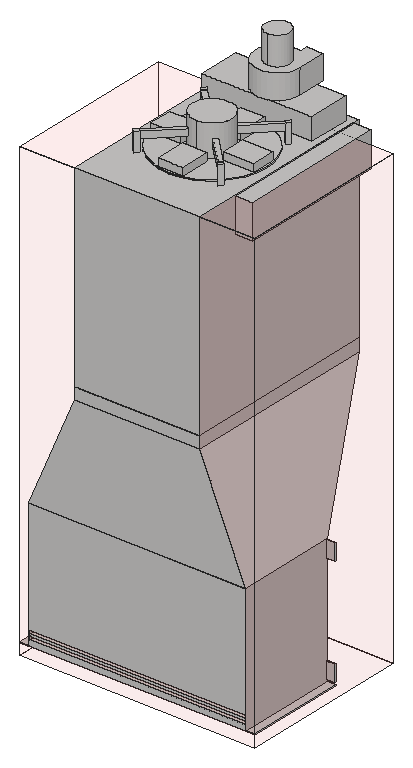
Revit family "Air-Curtain_Industrial_PoweredAire_Gas-Indirect-1Heater", category Mechanical Equipment, host Face, Revit 2020
Family settings
  Host = Face
  Round Connector Dimension = Use Diameter
  Part Type = Normal
  OmniClass Number = 23.75.35.17.21
  OmniClass Title = Air Curtains
  Cut with Voids When Loaded = No
  Shared = No
  Room Calculation Point = No
Parameters
  topbracket [instance] = Unit Height = 1' 4 3/4"  # yes
  Warranty Duration (Years) = 0
  Unit Width Notes = "Other Widths available."  # constant formula
  Unit Width = 3' - 3"
  Unit Weight = 0
  Unit Height = 1' - 4 3/4"
  Unit Depth = 1' - 9 1/4"
  URL = "http://www.poweredaire.com/"
  Test Data = ""
  Standards Conformance = "as Specified"
  Specification = "http://www.arcat.com/sdspecs/htm04/23_34_33pai.htm"
  SpecWizard = ""
  Sound Pressure = "as Specified"
  Sales Information = "http://www.poweredaire.com/contact_us"
  Revision = "R1_2016-08"
  Projection from Host [instance] = 0' - 2"
  Product Properties = ""
  Product Data = "http://www.arcat.com/arcatcos/cos47/arc47623.html"
  Power Rating = 0 W
  Piping_Operating Pressure [instance] = 0.00 psi
  Pipe OD [instance] = 5/8"
  Overall Depth = 6' - 1 3/4"
  Nozzle Width = if(1 = 1, Unit Width - 0' 3", 0' 0")  # 3' - 0"
  Mounting Width = if(1 = 1, Unit Width - 0' 1 1/2", 0' 0")  # 3' - 1 1/2"
  Mounting Height [instance] = 3' - 6"
  Motor RPM = 0
  Motor HP = 0
  Motor Count = 0
  Model = "As Specified"
  Max Height = 0' - 0"
  Manufacturer Website = "http://www.poweredaire.com/"
  Manufacturer Phone - Toll Free = "888-321-2473"
  Manufacturer Phone = "724-588-3305"
  Manufacturer Fax = "724-588-3371"
  Manufacturer Address = "109 Mortensen Rd.  Greenville, PA 16125"
  Manufacturer = "Powered Aire, Inc"
  Maintenance Schedule (Months) = 0
  Keynote = "23 34 33"
  Installation-Fabrication = ""
  Installation Phase = ""
  Include Clearance [instance] = yes
  Heating Element Load = 0 W
  Heater Weight = 0
  Heater Hanging Width = 1' - 6 5/8"
  Heater Finish [instance] = Metal - Steel - PoweredAire - Stainless 304
  HVAC_Temperature Rise = 0 °F
  HVAC_Primary CFM = 0 CFM
  HVAC_Outlet Volume = 0 CFM
  HVAC_Outlet Velocity Uniformity = 0
  HVAC_Outlet Velocity = 0 FPM
  HVAC_Exit Temperature [instance] = 0 °F
  HVAC_BTU Output = 0.0 Btu/h
  HVAC_BTU Input = 0.0 Btu/h
  Green Building-LEED = "http://www.arcat.com/green/clients/leed_data_47623.html"
  Gas Connection Diameter [instance] = 0"
  Frame Finish [instance] = Metal - Steel - PoweredAire - Stainless 304
  Expected Lifespan (Years) = 0
  Exhaust Connection Diameter = 0' - 5"
  Electrical_Wattage [instance] = Power Rating + Heating Element Load  # 0 W
  Electrical_Voltage [instance] = 0 V
  Electrical_Phase [instance] = 1
  Electrical_Frequency [instance] = 0 Hz
  Electrical_Amperage [instance] = 0 A
  Drawn By = "Sumex Design, Inc. / Robert S. Weygant, CSI, CDT, SCIP"
  Description = "Powered Aire Air Curtain as Specified"
  Default Elevation = 0' - 0"  # constant formula
  Copyright = "©Arcat Inc."
  Construction Details = "http://www.arcat.com/details/powair/prod3336.html"
  Clearance_Top [instance] = 1' - 0"
  Clearance_Side B [instance] = 0' - 0"
  Clearance_Side A [instance] = 0' - 0"
  Clearance_Intake [instance] = 0' - 0"
  Clearance_Bottom [instance] = 0' - 0"
  Clearance Material [instance] = ARCAT Clearance
  Building Codes = ""
  Available Options [instance] = "as Specified"
  Assembly Code = "D3090400"
Reference planes (in)
  plane 1 "Center (Elevation)": y = 0.13818
  plane 2: z = 0
  plane 3 "Center (Left/Right)": x = 0
  plane 4 "Top": y = 8.51318
  plane 5: y = -8.23682
  plane 6: x = -19.5
  plane 7: x = 19.5
  plane 8 "Front": z = 23.25
  plane 9 "FF": y = -41.86182
  plane 10: z = 2
  plane 11: x = 18
  plane 12: x = -18
  plane 13: y = 20.51318
  plane 14: y = -8.23682
  plane 15: x = -19.5
  plane 16: x = 19.5
  plane 17: z = 75.75
  plane 18: x = 17.9375
  plane 19: x = -17.9375
  plane 20: x = 18
  plane 21: x = 18
  plane 22: y = 6.01318
  plane 23: y = -5.73682
  plane 24: x = -9.3125
  plane 25: x = 9.3125
  plane 26: x = -10.375
  plane 27: x = 10.375
  plane 28: z = 75.75
  plane 29: z = 43.25
  plane 30: z = 41.25
Forms (in)
  Extrusion 1, solid, material "Metal - Steel - PoweredAire - Stainless 304" <- "Frame Finish"
    sketch origin (0, 0, 0) x (0, 1, 0) y (0, 0, 1)
      loop
        line (-8.23682, 2) -> (8.51318, 2) -> (8.51318, 23.25) -> (-8.23682, 23.25) -> (-8.23682, 2)
    from -18 to 18
  Extrusion 2, solid, material "ARCAT Clearance" <- "Clearance Material", visible <- "Include Clearance"
    sketch origin (0, 0, 0) x (0, 1, 0) y (0, 0, 1)
      loop
        line (-8.23682, 75.75) -> (-8.23682, 0) -> (20.51318, 0) -> (20.51318, 75.75) -> (-8.23682, 75.75)
    from -19.5 to 19.5
  Extrusion 3, solid, material "Metal - Steel - PoweredAire - Stainless 304" <- "Frame Finish"
    sketch origin (-15.17702, -180, 2) x (-1, 0, 0) y (0, -1, 0)
      loop
        line (-33.17702, -188.51318) -> (-33.17702, -171.76318) -> (-34.67702, -171.76318) -> (-34.67702, -188.51318) -> (-33.17702, -188.51318)
      loop
        line (2.82298, -188.51318) -> (4.32298, -188.51318) -> (4.32298, -171.76318) -> (2.82298, -171.76318) -> (2.82298, -188.51318)
    from 0 to 0.125
  Extrusion 4, solid, material "Metal - Steel - PoweredAire - Stainless 304" <- "Frame Finish", visible <- "topbracket"
    sketch origin (-11.83813, 8.51318, 48) x (-1, 0, 0) y (0, 0, 1)
      loop
        line (-29.83813, -45.5) -> (-29.83813, -42.75) -> (-31.33813, -42.75) -> (-31.33813, -45.5) -> (-29.83813, -45.5)
      loop
        line (-29.83813, -27.5) -> (-29.83813, -24.75) -> (-31.33813, -24.75) -> (-31.33813, -27.5) -> (-29.83813, -27.5)
      loop
        line (6.16187, -45.5) -> (7.66187, -45.5) -> (7.66187, -42.75) -> (6.16187, -42.75) -> (6.16187, -45.5)
      loop
        line (6.16187, -27.5) -> (7.66187, -27.5) -> (7.66187, -24.75) -> (6.16187, -24.75) -> (6.16187, -27.5)
    from 0 to -0.125
  Extrusion 5, void
    sketch origin (0, 0, 0) x (0, 1, 0) y (0, 0, 1)
      loop
        line (-8.23682, 3) -> (-7.23682, 3) -> (-7.23682, 4.5) -> (-8.23682, 4.5) -> (-8.23682, 3.82425) -> (-7.38364, 3.82425) -> (-7.38364, 3.57425) -> (-8.23682, 3.57425) -> (-8.23682, 3)
    from -17.9375 to 17.9375
  Blend 6, solid, material "Metal - Steel - PoweredAire - Stainless 304" <- "Frame Finish"
    base sketch origin (-15.17702, -180, 23.25) x (-1, 0, 0) y (0, -1, 0)
      loop
        line (2.82298, -188.51318) -> (2.82298, -171.76318) -> (-33.17702, -171.76318) -> (-33.17702, -188.51318) -> (2.82298, -188.51318)
    top sketch origin (-15.17702, -180, 23.25) x (-1, 0, 0) y (0, -1, 0)
      loop
        line (-4.80202, -171.76318) -> (-25.55202, -171.76318) -> (-25.55202, -204.76318) -> (-4.80202, -204.76318) -> (-4.80202, -171.76318)
    from 0 to 18
Cuts and joins
  Extrusion 5 cuts Extrusion 1
Dimensions and locks (in)
  equal spacing: plane 4 "Top", plane 1 "Center (Elevation)", plane 5
  "Unit Height": plane 4 "Top" to plane 5
  equal spacing: plane 6, plane 3 "Center (Left/Right)", plane 7
  "Unit Width": plane 6 to plane 7
  "Mounting Height": plane 1 "Center (Elevation)" to plane 9 "FF"
  "Projection from Host": plane 10 to level
  "Unit Depth": plane 8 "Front" to plane 10
  locked: plane 6 to plane 12 at 1.5
  locked: plane 11 to plane 7 at 1.5
  "Clearance_Side A": plane 7 to plane 16
  "Clearance_Side B": plane 15 to plane 6
  "Clearance_Top": plane 13 to plane 4 "Top"
  "Clearance_Bottom": plane 5 to plane 14
  "Clearance_Intake": plane 17 to plane 28
  Extrusion 5 sketch curve to Extrusion 5 sketch curve to Extrusion 5 sketch curve to Extrusion 5 sketch curve to plane 10 = 0' - 0.67575" locked, 0' - 0 1/4" locked, 0' - 0.57425" locked, 0' - 1" locked
  plane 5 to Extrusion 5 sketch curve to Extrusion 5 sketch curve = 0' - 0.85319" locked, 0' - 0.14681" locked
  locked: plane 19 to plane 12 at 0.0625
  locked: plane 11 to plane 18 at 0.0625
  locked: plane 20 to plane 11
  locked: plane 21 to plane 11
  locked: plane 4 "Top" to plane 22 at 2.5
  locked: plane 23 to plane 5 at 2.5
  equal spacing: plane 24, plane 3 "Center (Left/Right)", plane 25
  "Heater Hanging Width": plane 24 to plane 25
  locked: plane 25 to plane 27 at 1.0625
  locked: plane 26 to plane 24 at 1.0625
  "Overall Depth": plane 28 to plane 10
  locked: plane 29 to plane 30 at 2
  locked: plane 28 to plane 29 at 32.5
  locked: Blend 6 sketch curve to plane 5 at 33
  Extrusion 4 sketch curve to Extrusion 4 sketch curve to plane 10 = 0' - 2 3/4" locked, 0' - 0 1/2" locked  (x2)
  plane 8 "Front" to Extrusion 4 sketch curve to Extrusion 4 sketch curve = 0' - 0" locked, 0' - 2 3/4" locked  (x2)
  aligned and locked: plane 2 to host face
  aligned and locked: level to host face
  aligned and locked: Extrusion 2 sketch curve to plane 17
  aligned and locked: plane 14 to Extrusion 2 sketch curve
  aligned and locked: level to Extrusion 2 sketch curve
  aligned and locked: Extrusion 2 sketch curve to plane 13
  aligned and locked: plane 16 to Extrusion 2
  aligned and locked: Extrusion 2 to plane 15
  aligned and locked: plane 11 to Extrusion 1
  aligned and locked: Extrusion 1 to plane 12
  aligned and locked: Extrusion 1 sketch curve to plane 8 "Front"
  aligned and locked: plane 28 to nested 1
  aligned and locked: Blend 6 sketch curve to plane 5  (x2)
  aligned and locked: plane 12 to Blend 6 sketch curve
  aligned and locked: Blend 6 sketch curve to plane 11
  aligned and locked: Blend 6 sketch curve to plane 4 "Top"
  aligned and locked: Blend 6 sketch curve to plane 26
  aligned and locked: plane 27 to Blend 6 sketch curve
  aligned and locked: plane 30 to Blend 6
  aligned and locked: plane 3 "Center (Left/Right)" to nested 1
  aligned and locked: plane 18 to cut or joined group of Extrusion 1, Extrusion 5
  aligned and locked: cut or joined group of Extrusion 1, Extrusion 5 to plane 19
Automatic sketch dimensions
  host sketch curve to host sketch curve = 8' - 0"  (x2)
  plane 4 "Top" to Extrusion 3 sketch curve = 0' - 0"
  Extrusion 3 sketch curve to plane 7 = 0' - 0"
  plane 5 to Extrusion 3 sketch curve = 0' - 0"
  Extrusion 3 sketch curve to plane 11 = 0' - 0"
  Extrusion 3 sketch curve to plane 4 "Top" = 0' - 0"
  Extrusion 3 sketch curve to plane 12 = 0' - 0"
  Extrusion 3 sketch curve to plane 6 = 0' - 0"
  Extrusion 3 sketch curve to plane 5 = 0' - 0"
  Extrusion 4 sketch curve to plane 7 = 0' - 0"  (x2)
  Extrusion 4 sketch curve to plane 11 = 0' - 0"  (x2)
  Extrusion 4 sketch curve to plane 12 = 0' - 0"  (x2)
  Extrusion 4 sketch curve to plane 6 = 0' - 0"  (x2)
  Extrusion 5 sketch curve to plane 5 = 0' - 0"  (x2)
  Extrusion 1 sketch curve to plane 5 = 0' - 0"
  Extrusion 1 sketch curve to plane 4 "Top" = 0' - 0"
  Extrusion 1 sketch curve to plane 10 = 0' - 0"
Nested families (in)
  nested 1: "Heater" at (0, -8.23682, 43.2987) x (1, 0, 0) z (0, 1, 0), finish <- "Heater Finish", burner width <- "Heater Hanging Width", type "Heater"
    with finish Metal - Steel - PoweredAire - Stainless 304, burner width 1' - 6 5/8", Two Fan no, One Fan yes
Connectors (in)
  electrical at (-18, 0.13818, 12.625), driven by "Electrical_Voltage", driven by "Electrical_Phase"
    settings: on cut or joined group of Extrusion 1, Extrusion 5, index 3, voltage 0 V, apparent load 0 VA, apparent load phase1 0 VA, apparent load phase2 0 VA, apparent load phase3 0 VA, power factor 1, load classification "Motor", number of poles 1, system type 31, power factor state 1, is connector primary yes, connector utility no, sub classification motor no, connector description ""
  hvac at (3, 24.76318, 81.40625), driven by "Exhaust Connection Diameter", driven by "HVAC_Primary CFM"
    settings: on nested 1, index 4, duct flow 0 CFM, flow factor 0, pres drop 0.00 in-wg, loss coef 0, conn angle 0.00°, conn width 12", conn height 12", conn diameter 5", duct sys type 3, conn prof type 0, flow config 0, flow direction 2, loss method 0, conn ref index -1, conn util no, is conn primary yes, conn desc ""
Definition of nested family "Heater"
  Parameters
    finish [instance] = none
    burner width [instance] = 4' - 0 5/8"
    burner depth = 3' - 8 3/4"
    Two Fan [instance] = burner width > 4' 0"  # yes
    One Fan [instance] = burner width < 4' 0"  # no
    Default Elevation = 0' - 0"  # constant formula
  Reference planes (in)
    plane 1 "Center (Front/Back)": y = 0
    plane 2: z = 0
    plane 3 "Center (Left/Right)": x = 0
    plane 4: x = -25.375
    plane 5: x = 25.375
    plane 6: z = 33
    plane 7: y = -44.75
    plane 8: x = 3
    plane 9: x = 4.375
    plane 10: x = -12.6875
    plane 11: x = 12.6875
    plane 12: z = 15.5
    plane 13: x = -24.3125
    plane 14: x = 24.3125
  Forms (in)
    Extrusion 1, solid, material <- "finish"
      sketch origin (-74.94554, -3, 38.65968) x (0, 0, 1) y (1, 0, 0)
        loop
          line (-5.65968, 49.57054) -> (-5.65968, 100.32054) -> (-38.65968, 100.32054) -> (-38.65968, 49.57054) -> (-5.65968, 49.57054)
      from 3 to -29.4513
    Extrusion 2, solid, material <- "finish"
      sketch origin (0, 0, 0) x (0, 1, 0) y (0, 0, 1)
        loop
          line (2, 0) -> (2, 33) -> (0, 33) -> (0, 0) -> (2, 0)
      from -25.375 to 25.375
    Extrusion 3, solid, material <- "finish"
      sketch origin (-74.94554, -32.4513, 38.65968) x (0, 0, 1) y (1, 0, 0)
        loop
          line (-6.91591, 50.82971) -> (-6.91591, 99.10844) -> (-13.91591, 99.10844) -> (-13.91591, 50.82971) -> (-6.91591, 50.82971)
      from 0 to -3.625
    Extrusion 4, solid, material <- "finish"
      sketch origin (-74.94554, -36.0763, 38.65968) x (0, 0, 1) y (1, 0, 0)
        loop
          arc (-10.4052, 79.32054) -> (-12.67312, 72.60509) -> (-6.79809, 76.57054) r 3.74068
          line (-6.79809, 76.57054) -> (-5.65968, 76.57054) -> (-5.65968, 79.32054) -> (-10.4052, 79.32054)
      from 0 to -4.0625
    Extrusion 5, solid, material <- "finish"
      sketch origin (-73.58006, -40.1388, 35.52564) x (0, 0, -1) y (1, 0, 0)
        loop
          circle (7.27116, 74.21438) r 2
      from 4.6112 to 0
    Extrusion 6, solid, material <- "finish"
      sketch origin (0, 0, 0) x (1, 0, 0) y (0, 1, 0)
        loop
          line (28.3125, -32.4513) -> (28.3125, -26.7013) -> (25.3125, -26.7013) -> (25.3125, -32.4513) -> (28.3125, -32.4513)
      from 7.25 to 31.75
    Extrusion 7, solid, material <- "finish", visible <- "Two Fan"
      sketch origin (0, 0, 0) x (0, 1, 0) y (0, 0, 1)
        loop
          line (-32.4513, 6.22268) -> (-44.15658, 5.1986) -> (-44.15658, 4.4486) -> (-32.4513, 4.85736) -> (-32.4513, 6.22268)
      from -25.375 to 25.375
  Dimensions and locks (in)
    locked: Extrusion 4 sketch curve to Extrusion 4 sketch curve at 2.75
    "burner width": plane 13 to plane 14
    locked: plane 6 to level at 33
    "burner depth": plane 7 to plane 1 "Center (Front/Back)"
    locked: plane 8 to plane 9 at 1.375
    Extrusion 4 sketch curve to Extrusion 4 sketch curve to plane 8 = 0' - 0.99068" locked, 0' - 1 3/8" locked
    locked: Extrusion 5 sketch curve to plane 8 at 2.36568
    locked: plane 8 to plane 3 "Center (Left/Right)" at 3
    Extrusion 6 sketch curve to plane 5 to Extrusion 6 sketch curve = 0' - 0 1/16" locked, 0' - 2 15/16" locked
    equal spacing: plane 5, plane 11, plane 3 "Center (Left/Right)", plane 10, plane 4
    locked: plane 4 to plane 13 at 1.0625
    locked: plane 14 to plane 5 at 1.0625
    aligned and locked: plane 2 to level
    aligned: Extrusion 4 to Extrusion 5
    aligned: Extrusion 3 to Extrusion 2  (x2)
    aligned and locked: plane 7 to Extrusion 5
    aligned and locked: plane 4 to Extrusion 1 sketch curve
    aligned and locked: Extrusion 1 sketch curve to plane 5
    aligned and locked: Extrusion 7 to plane 4
    aligned and locked: plane 5 to Extrusion 7
    aligned and locked: plane 12 to nested 1
    aligned and locked: plane 3 "Center (Left/Right)" to nested 1
    aligned and locked: plane 12 to nested 3
    aligned and locked: plane 11 to nested 3
    aligned and locked: plane 10 to nested 2
    aligned and locked: plane 12 to nested 2
    aligned and locked: plane 5 to Extrusion 2
    aligned and locked: Extrusion 2 to plane 4
  Automatic sketch dimensions
    Extrusion 1 to Extrusion 3 sketch curve = 0' - 1.25917"
    Extrusion 1 to Extrusion 3 sketch curve = 0' - 8.25624"
    Extrusion 1 to Extrusion 3 sketch curve = 0' - 1.2121"
    Extrusion 1 to Extrusion 3 sketch curve = 0' - 1.25624"
    Extrusion 4 sketch curve to Extrusion 3 = 0' - 0.11782"
    Extrusion 4 sketch curve to Extrusion 3 = 0' - 1.25624"
    Extrusion 5 sketch curve to Extrusion 4 = 0' - 4.74552"
    Extrusion 1 sketch curve to level = 0' - 0"
    Extrusion 1 sketch curve to plane 6 = 0' - 0"
    Extrusion 2 sketch curve to level = 0' - 0"
    Extrusion 2 sketch curve to plane 1 "Center (Front/Back)" = 0' - 0"
    Extrusion 2 sketch curve to plane 6 = 0' - 0"
    Extrusion 2 sketch curve to Extrusion 2 sketch curve = 0' - 2"
    Extrusion 6 sketch curve to plane 7 = 1' - 0.2987"
    Extrusion 6 sketch curve to Extrusion 6 sketch curve = 0' - 5 3/4"
    Extrusion 7 sketch curve to plane 7 = 0' - 0.59342"
    level to Extrusion 7 sketch curve = 0' - 4.4486"
    Extrusion 7 sketch curve to Extrusion 7 sketch curve = 0' - 0 3/4"
    level to Extrusion 7 sketch curve = 0' - 4.85736"
    Extrusion 7 sketch curve to Extrusion 7 sketch curve = 0' - 11.70529"
    Extrusion 7 sketch curve to Extrusion 7 sketch curve = 0' - 1.36532"
    radius of Extrusion 5 sketch curve = 0' - 2"
  Nested families (in)
    nested 1: "FanControls" at (0, -32.4513, 15.5) x (1, 0, 0) z (0, -1, 0), finish <- "finish", visible <- "One Fan", type "FanControls"
      with finish none
    nested 2: "FanControls" at (-12.6875, -32.4513, 15.5) x (1, 0, 0) z (0, -1, 0), finish <- "finish", visible <- "Two Fan", type "FanControls"
      with finish none
    nested 3: "FanControls" at (12.6875, -32.4513, 15.5) x (1, 0, 0) z (0, -1, 0), finish <- "finish", visible <- "Two Fan", type "FanControls"
      with finish none
  Definition of nested family "FanControls"
    Parameters
      finish [instance] = none
      Default Elevation = 4' - 0"
    Reference planes (in)
      plane 1 "Center (Front/Back)": y = 0
      plane 2: z = 0
      plane 3 "Center (Left/Right)": x = 0
    Forms (in)
      Extrusion 1, solid, material <- "finish"
        sketch origin (-75.00804, 32.07233, 0) x (1, 0, 0) y (0, -1, 0)
          loop
            circle (75.00804, 32.07233) r 3.25
        from -5.33075 to 0
      Extrusion 2, solid, material <- "finish"
        sketch origin (24.44581, -78.06044, 0) x (1, 0, 0) y (0, -1, 0)
          loop
            line (-22.50831, -86.58776) -> (-22.50831, -81.58776) -> (-26.50831, -81.58776) -> (-26.50831, -86.58776) -> (-22.50831, -86.58776)
          loop
            line (-22.50831, -69.53312) -> (-26.50831, -69.53312) -> (-26.50831, -74.53312) -> (-22.50831, -74.53312) -> (-22.50831, -69.53312)
          loop
            line (-15.98099, -76.06044) -> (-20.98099, -76.06044) -> (-20.98099, -80.06044) -> (-15.98099, -80.06044) -> (-15.98099, -76.06044)
          loop
            line (-33.03563, -76.06044) -> (-33.03563, -80.06044) -> (-28.03563, -80.06044) -> (-28.03563, -76.06044) -> (-33.03563, -76.06044)
        from 0 to -1.37288
      Extrusion 3, solid, material <- "finish"
        sketch origin (-75.00804, 21.40968, 0) x (1, 0, 0) y (0, -1, 0)
          loop
            line (68.02536, 14.95733) -> (68.55569, 14.427) -> (75.00804, 20.87935) -> (81.46039, 14.427) -> (81.99072, 14.95733) -> (75.53837, 21.40968) -> (81.99072, 27.86203) -> (81.46039, 28.39236) -> (75.00804, 21.94001) -> (68.55569, 28.39236) -> (68.02536, 27.86203) -> (74.47771, 21.40968) -> (68.02536, 14.95733)
        from -3.1123 to -2
      Extrusion 4, solid, material <- "finish"
        sketch origin (-75.00804, 21.40968, 0) x (1, 0, 0) y (0, -1, 0)
          loop
            line (68.02536, 13.89667) -> (68.55569, 14.427) -> (68.02536, 14.95733) -> (67.49503, 14.427) -> (68.02536, 13.89667)
          loop
            line (82.52105, 14.427) -> (81.99072, 14.95733) -> (81.46039, 14.427) -> (81.99072, 13.89667) -> (82.52105, 14.427)
          loop
            line (81.99072, 28.92269) -> (81.46039, 28.39236) -> (81.99072, 27.86203) -> (82.52105, 28.39236) -> (81.99072, 28.92269)
          loop
            line (67.49503, 28.39236) -> (68.02536, 27.86203) -> (68.55569, 28.39236) -> (68.02536, 28.92269) -> (67.49503, 28.39236)
        from 0 to -3.1123
      Extrusion 5, solid, material <- "finish"
        sketch origin (0, 0, 0) x (1, 0, 0) y (0, 1, 0)
          loop
            circle (0, 0) r 9
        from 0 to 0.14961
    Dimensions and locks (in)
      Extrusion 4 sketch curve to Extrusion 4 sketch curve to Extrusion 4 sketch curve to Extrusion 4 sketch curve = 0' - 0.53033" locked, 0' - 0" locked, 0' - 0.53033" locked  (x4)
      Extrusion 3 sketch curve to Extrusion 3 sketch curve to Extrusion 3 sketch curve to Extrusion 3 sketch curve to Extrusion 3 sketch curve = 0' - 5.92202" locked, 0' - 0" locked, 0' - 0.53033" locked, 0' - 0" locked
      Extrusion 3 sketch curve to Extrusion 3 sketch curve to Extrusion 3 sketch curve to Extrusion 3 sketch curve to Extrusion 3 sketch curve = 0' - 0" locked, 0' - 0.53033" locked, 0' - 0" locked, 0' - 5.92202" locked
      locked: Extrusion 2 sketch curve to Extrusion 2 sketch curve at 5  (x2)
      aligned and locked: plane 2 to level
